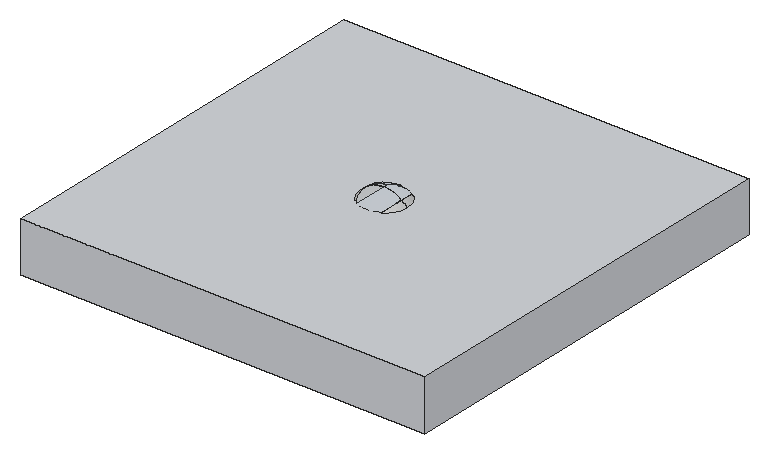
Revit family "GALAD Раунд LED", category Осветительные приборы, Revit 2018 (continued)
Types (3, lengths in mm): name | Файл фотометрической сетки | built-in parameter 1150142 | URL | IP | ADSK_Наименование краткое | ADSK_Наименование | ADSK_Марка | ADSK_Код изделия
    2.00 330.53 328.95 326.87 323.58 319.67 315.53 310.16 304.30 298.08 291.12 283.56 275.02 266.48 257.20 247.08 236.95 225.72 214.38 202.91 190.58 178.02 165.21 152.03 138.73 125.55 112.25 99.20 86.63 74.67 63.32 52.95 43.80 35.75 28.31 21.47 15.50 9.15 4.39 3.17 1.95 1.10 0.61 0.37 0.12 0.00 0.00 0.00 0.00 0.00 0.00 0.00 0.00 0.00 0.00 0.00 0.00 0.00 0.00 0.00 0.00 0.00 0.00 0.00 0.00 0.00 0.00 0.00 0.00 0.00 0.00 0.00 \r\n332.61 332.12 330.53 328.82 326.63 323.58 319.67 315.53 310.28 304.67 298.08 290.76 283.44 275.14 266.35 256.96 247.08 236.83 225.72 214.25 202.42 190.58 178.14 165.08 151.91 138.85 125.43 112.01 99.07 86.63 74.67 63.32 52.95 43.92 35.63 27.94 21.35 15.50 9.27 4.03 2.93 1.95 1.10 0.61 0.37 0.12 0.00 0.00 0.00 0.00 0.00 0.00 0.00 0.00 0.00 0.00 0.00 0.00 0.00 0.00 0.00 0.00 0.00 0.00 0.00 0.00 0.00 0.00 0.00 0.00 0.00 0.00 0.00 \r\n332.61 332.12 330.53 328.70 326.51 323.46 319.80 315.40 310.40 304.54 297.59 290.88 283.07 274.53 265.99 257.08 246.95 236.34 225.72 214.25 202.42 190.22 177.77 164.72 151.54 138.48 125.43 112.13 98.95 86.39 74.43 63.32 53.08 43.92 35.63 28.06 21.35 15.50 8.91 3.90 3.05 1.83 0.98 0.49 0.24 0.12 0.00 0.00 0.00 0.00 0.00 0.00 0.00 0.00 0.00 0.00 0.00 0.00 0.00 0.00 0.00 0.00 0.00 0.00 0.00 0.00 0.00 0.00 0.00 0.00 0.00 0.00 0.00 \r\n332.61 332.12 330.41 328.70 326.38 323.46 319.80 315.16 310.03 304.30 297.47 290.76 283.07 274.53 265.74 256.84 247.08 236.46 225.48 214.01 202.18 190.10 177.53 164.60 151.54 138.36 125.19 112.01 99.07 86.39 74.43 63.20 53.08 43.92 35.38 27.70 20.99 15.25 9.27 4.27 2.44 1.71 0.98 0.61 0.24 0.12 0.00 0.00 0.00 0.00 0.00 0.00 0.00 0.00 0.00 0.00 0.00 0.00 0.00 0.00 0.00 0.00 0.00 0.00 0.00 0.00 0.00 0.00 0.00 0.00 0.00 0.00 0.00 \r\n332.61 332.12 330.41 328.70 326.38 323.33 319.67 314.92 310.03 304.06 297.47 290.51 282.95 274.77 265.62 256.23 246.59 236.10 225.24 213.89 202.18 190.10 177.41 164.35 151.42 138.24 124.70 111.64 98.59 86.02 74.06 62.96 52.83 43.56 35.26 27.57 21.11 15.25 9.88 5.86 3.17 1.59 0.85 0.49 0.24 0.12 0.00 0.00 0.00 0.00 0.00 0.00 0.00 0.00 0.00 0.00 0.00 0.00 0.00 0.00 0.00 0.00 0.00 0.00 0.00 0.00 0.00 0.00 0.00 0.00 0.00 0.00 0.00 \r\n332.61 332.12 330.41 328.70 326.38 323.21 319.43 314.79 309.91 303.81 297.59 290.51 282.70 274.65 265.62 255.98 246.10 236.10 225.11 213.77 201.93 189.85 177.28 164.35 151.30 138.00 124.70 111.52 98.59 86.02 74.06 62.96 52.71 43.44 34.90 27.45 20.99 15.37 10.49 6.34 3.29 1.83 0.85 0.49 0.24 0.12 0.00 0.00 0.00 0.00 0.00 0.00 0.00 0.00 0.00 0.00 0.00 0.00 0.00 0.00 0.00 0.00 0.00 0.00 0.00 0.00 0.00 0.00 0.00 0.00 0.00 0.00 0.00 \r\n332.61 332.12 330.41 328.70 326.26 323.09 319.31 314.92 309.91 304.06 297.47 290.63 282.95 274.65 265.62 256.23 246.34 235.97 225.11 213.64 201.81 189.61 177.28 164.35 151.17 138.00 124.70 111.28 98.22 85.78 73.82 62.71 52.34 43.19 34.77 27.33 20.99 15.50 10.86 6.71 3.90 2.07 0.98 0.49 0.24 0.12 0.00 0.00 0.00 0.00 0.00 0.00 0.00 0.00 0.00 0.00 0.00 0.00 0.00 0.00 0.00 0.00 0.00 0.00 0.00 0.00 0.00 0.00 0.00 0.00 0.00 0.00 0.00 \r\n332.61 332.12 330.29 328.70 326.26 322.97 319.31 314.92 309.79 303.93 297.10 290.27 283.07 274.53 265.38 256.11 246.22 235.73 224.87 213.40 201.81 189.73 177.04 164.11 151.05 137.87 124.45 111.03 98.22 85.65 73.70 62.47 52.22 42.95 34.53 27.21 20.74 15.37 10.86 7.08 4.15 2.20 1.10 0.49 0.24 0.12 0.00 0.00 0.00 0.00 0.00 0.00 0.00 0.00 0.00 0.00 0.00 0.00 0.00 0.00 0.00 0.00 0.00 0.00 0.00 0.00 0.00 0.00 0.00 0.00 0.00 0.00 0.00 \r\n332.61 332.12 330.29 328.58 326.14 322.97 319.43 314.92 309.67 304.06 297.22 290.15 282.70 274.29 265.13 255.86 245.98 235.61 224.75 213.40 201.69 189.36 176.67 163.99 150.93 137.51 123.97 110.91 97.98 85.41 73.45 62.35 51.86 42.58 34.29 26.96 20.62 15.25 10.86 7.20 4.39 2.44 1.22 0.61 0.24 0.12 0.00 0.00 0.00 0.00 0.00 0.00 0.00 0.00 0.00 0.00 0.00 0.00 0.00 0.00 0.00 0.00 0.00 0.00 0.00 0.00 0.00 0.12 0.12 0.00 0.00 0.00 0.00 \r\n332.61 332.12 330.29 328.58 326.14 323.09 319.31 314.92 309.67 303.93 297.35 290.02 282.58 274.29 265.38 255.74 245.73 235.24 224.50 213.28 201.57 189.24 176.55 163.74 150.69 137.51 124.09 110.91 97.85 85.29 73.33 62.10 51.86 42.58 34.29 26.84 20.38 15.01 10.62 7.08 4.39 2.44 1.22 0.61 0.24 0.12 0.00 0.00 0.00 0.00 0.00 0.00 0.00 0.00 0.00 0.00 0.00 0.00 0.00 0.00 0.00 0.00 0.00 0.00 0.00 0.00 0.00 0.12 0.12 0.00 0.00 0.00 0.00 \r\n332.61 332.24 330.29 328.58 326.14 323.09 319.31 314.67 309.55 303.93 297.22 290.02 282.46 274.04 265.26 255.74 245.61 235.36 224.38 213.16 201.32 189.12 176.55 163.62 150.44 137.14 123.84 110.54 97.37 84.92 72.96 61.86 51.73 42.34 33.92 26.72 20.25 15.01 10.62 7.08 4.39 2.56 1.34 0.61 0.24 0.12 0.00 0.00 0.00 0.00 0.00 0.00 0.00 0.00 0.00 0.00 0.00 0.00 0.00 0.00 0.00 0.00 0.00 0.00 0.00 0.00 0.00 0.12 0.12 0.00 0.00 0.00 0.00 \r\n332.61 332.24 330.29 328.58 326.26 323.09 319.19 314.43 309.30 303.81 297.10 290.02 282.34 273.92 265.13 255.62 245.86 235.48 224.38 212.91 201.20 188.88 176.31 163.50 150.44 137.02 123.60 110.54 97.37 84.80 72.84 61.74 51.49 42.22 33.80 26.48 20.13 14.76 10.37 6.83 4.39 2.56 1.34 0.61 0.24 0.12 0.00 0.00 0.00 0.00 0.00 0.00 0.00 0.00 0.00 0.00 0.00 0.00 0.00 0.00 0.00 0.00 0.00 0.00 0.00 0.00 0.00 0.12 0.12 0.00 0.00 0.00 0.00 \r\n332.61 332.24 330.29 328.58 326.26 323.09 319.06 314.43 309.18 303.57 296.86 289.78 282.22 273.92 265.13 255.62 245.86 235.36 224.26 212.67 200.96 188.88 176.19 163.25 150.20 136.90 123.48 110.06 97.00 84.55 72.60 61.37 51.12 41.85 33.55 26.23 19.89 14.52 10.25 6.95 4.39 2.56 1.34 0.61 0.24 0.12 0.00 0.00 0.00 0.00 0.00 0.00 0.00 0.00 0.00 0.00 0.00 0.00 0.00 0.00 0.00 0.00 0.00 0.00 0.00 0.00 0.00 0.12 0.12 0.00 0.00 0.00 0.00 \r\n332.61 332.24 330.29 328.58 326.14 322.85 318.94 314.43 309.18 303.32 296.74 289.54 281.97 273.67 264.77 255.37 245.49 235.00 224.02 212.42 200.83 188.75 175.94 162.89 149.83 136.65 123.48 110.06 97.00 84.43 72.48 61.25 51.00 41.73 33.43 26.11 19.77 14.40 10.13 6.83 4.27 2.44 1.34 0.61 0.24 0.12 0.00 0.00 0.00 0.00 0.00 0.00 0.00 0.00 0.00 0.00 0.00 0.00 0.00 0.00 0.00 0.00 0.00 0.00 0.00 0.00 0.00 0.12 0.12 0.00 0.00 0.00 0.00 \r\n332.61 332.36 330.29 328.70 326.14 322.60 318.82 314.43 309.18 303.20 296.74 289.54 281.97 273.67 264.77 255.25 245.37 235.00 224.02 212.55 200.71 188.51 175.82 162.89 149.83 136.53 123.23 109.81 96.76 84.19 72.23 61.01 50.64 41.36 33.19 25.87 19.64 14.40 10.13 6.71 4.15 2.44 1.34 0.61 0.24 0.12 0.00 0.00 0.00 0.00 0.00 0.00 0.00 0.00 0.00 0.00 0.00 0.00 0.00 0.00 0.00 0.00 0.00 0.00 0.00 0.00 0.00 0.12 0.12 0.00 0.00 0.00 0.00 \r\n332.61 332.36 330.29 328.70 326.02 322.60 318.70 314.31 309.06 303.08 296.74 289.78 282.22 273.67 264.77 255.25 245.12 234.75 223.77 212.42 200.59 188.14 175.70 162.89 149.83 136.41 122.99 109.57 96.63 83.94 71.99 60.88 50.64 41.24 33.07 25.74 19.40 14.15 9.88 6.59 4.03 2.32 1.22 0.61 0.24 0.12 0.00 0.00 0.00 0.00 0.00 0.00 0.00 0.00 0.00 0.00 0.00 0.00 0.00 0.00 0.00 0.00 0.00 0.00 0.00 0.00 0.00 0.12 0.12 0.00 0.00 0.00 0.00 \r\n332.61 332.36 330.29 328.58 326.14 322.72 318.82 314.18 308.94 303.08 296.61 289.66 281.97 273.55 264.77 255.25 245.12 234.51 223.65 212.42 200.59 188.39 175.58 162.52 149.47 136.04 122.62 109.32 96.15 83.70 71.62 60.52 50.27 41.00 32.70 25.50 19.28 14.03 9.88 6.47 4.03 2.32 1.22 0.61 0.24 0.12 0.00 0.00 0.00 0.00 0.00 0.00 0.00 0.00 0.00 0.00 0.00 0.00 0.00 0.00 0.00 0.00 0.00 0.00 0.00 0.00 0.00 0.12 0.12 0.00 0.00 0.00 0.00 \r\n332.61 332.49 330.29 328.58 326.02 322.85 318.82 314.06 308.94 303.08 296.49 289.41 281.73 273.43 264.65 255.13 245.12 234.39 223.65 212.30 200.47 188.27 175.45 162.52 149.34 135.92 122.50 109.08 96.27 83.58 71.50 60.40 50.03 40.87 32.70 25.38 19.16 13.91 9.64 6.34 3.90 2.20 1.22 0.61 0.24 0.12 0.00 0.00 0.00 0.00 0.00 0.00 0.00 0.00 0.00 0.00 0.00 0.00 0.00 0.00 0.00 0.00 0.00 0.00 0.00 0.00 0.00 0.12 0.12 0.00 0.00 0.00 0.00 \r\n332.61 332.49 330.29 328.58 326.02 322.72 318.70 314.06 308.94 303.08 296.61 289.41 281.73 273.55 264.52 254.88 244.88 234.51 223.77 212.30 200.35 188.02 175.21 162.40 149.34 135.92 122.62 109.08 95.90 83.21 71.38 60.15 49.78 40.51 32.33 25.13 18.91 13.67 9.52 6.22 3.90 2.20 1.22 0.61 0.24 0.12 0.00 0.00 0.00 0.00 0.00 0.00 0.00 0.00 0.00 0.00 0.00 0.00 0.00 0.00 0.00 0.00 0.00 0.00 0.00 0.00 0.00 0.12 0.12 0.00 0.00 0.00 0.00 \r\n332.61 332.61 330.41 328.46 325.90 322.60 318.82 314.31 309.18 303.08 296.61 289.54 281.85 273.67 264.65 254.88 245.00 234.75 223.77 212.18 200.22 187.90 175.33 162.28 148.98 135.43 122.13 108.84 95.78 82.97 71.01 59.79 49.66 40.39 32.09 25.01 18.79 13.54 9.39 6.10 3.66 2.07 1.10 0.61 0.24 0.12 0.00 0.00 0.00 0.00 0.00 0.00 0.00 0.00 0.00 0.00 0.00 0.00 0.00 0.00 0.00 0.00 0.00 0.00 0.00 0.00 0.00 0.12 0.12 0.00 0.00 0.00 0.00 \r\n332.61 332.61 330.41 328.46 325.77 322.60 319.06 314.55 309.30 303.08 296.61 289.54 281.85 273.55 264.77 255.13 245.00 234.75 223.65 212.18 200.35 188.14 175.45 162.28 148.86 135.68 122.26 108.84 95.66 82.97 71.01 59.66 49.54 40.14 31.97 24.77 18.55 13.42 9.27 6.10 3.66 2.07 1.10 0.49 0.24 0.12 0.00 0.00 0.00 0.00 0.00 0.00 0.00 0.00 0.00 0.00 0.00 0.00 0.00 0.00 0.00 0.00 0.00 0.00 0.00 0.00 0.00 0.12 0.12 0.00 0.00 0.00 0.00 \r\n332.61 332.73 330.41 328.34 325.90 322.72 318.94 314.31 309.06 303.08 296.61 289.41 281.73 273.43 264.65 255.01 245.12 234.63 223.53 212.06 200.10 187.78 175.33 162.16 148.73 135.31 121.89 108.47 95.41 82.72 70.77 59.42 49.17 39.90 31.72 24.52 18.42 13.30 9.15 5.98 3.54 2.07 1.10 0.49 0.24 0.12 0.00 0.00 0.00 0.00 0.00 0.00 0.00 0.00 0.00 0.00 0.00 0.00 0.00 0.00 0.00 0.00 0.00 0.00 0.00 0.00 0.12 0.12 0.12 0.00 0.00 0.00 0.00 \r\n332.61 332.73 330.53 328.46 326.02 322.60 318.58 314.06 308.94 302.96 296.37 289.41 281.61 273.31 264.40 254.64 244.76 234.39 223.28 211.94 200.10 187.66 174.84 162.03 148.61 135.19 121.77 108.35 95.17 82.48 70.40 59.05 48.81 39.65 31.36 24.28 18.18 13.18 9.03 5.86 3.54 1.95 0.98 0.49 0.24 0.12 0.00 0.00 0.00 0.00 0.00 0.00 0.00 0.00 0.00 0.00 0.00 0.00 0.00 0.00 0.00 0.00 0.00 0.00 0.00 0.00 0.12 0.12 0.12 0.00 0.00 0.00 0.00 \r\n332.61 332.85 330.53 328.46 326.02 322.60 318.58 314.06 308.69 302.96 296.25 289.29 281.48 273.06 264.16 254.40 244.39 233.90 223.16 211.81 199.86 187.41 174.72 161.79 148.49 135.07 121.52 108.10 94.80 82.11 70.04 58.93 48.68 39.41 31.24 24.16 18.06 12.93 8.91 5.73 3.42 1.95 0.98 0.49 0.24 0.12 0.00 0.00 0.00 0.00 0.00 0.00 0.00 0.00 0.00 0.00 0.00 0.00 0.00 0.00 0.00 0.00 0.00 0.00 0.00 0.00 0.12 0.12 0.12 0.00 0.00 0.00 0.00 \r\n332.61 332.97 330.66 328.46 326.14 322.72 318.58 313.82 308.45 302.84 296.13 289.05 281.24 272.70 263.91 254.52 244.51 233.90 223.28 211.57 199.61 187.29 174.60 161.55 148.25 134.82 121.40 107.86 94.80 82.11 69.91 58.57 48.32 39.17 30.99 23.91 17.81 12.81 8.66 5.61 3.29 1.83 0.98 0.49 0.24 0.12 0.00 0.00 0.00 0.00 0.00 0.00 0.00 0.00 0.00 0.00 0.00 0.00 0.00 0.00 0.00 0.00 0.00 0.00 0.00 0.00 0.12 0.12 0.12 0.00 0.00 0.00 0.00 \r\n332.61 332.97 330.78 328.46 326.02 322.60 318.58 313.82 308.45 302.59 296.00 289.05 281.24 272.70 263.79 254.52 244.51 233.90 222.92 211.45 199.49 187.29 174.48 161.30 148.00 134.58 121.28 107.74 94.44 81.75 69.55 58.44 48.07 38.92 30.87 23.79 17.69 12.69 8.54 5.49 3.29 1.83 0.98 0.49 0.12 0.12 0.00 0.00 0.00 0.00 0.00 0.00 0.00 0.00 0.00 0.00 0.00 0.00 0.00 0.00 0.00 0.00 0.00 0.00 0.00 0.00 0.12 0.12 0.12 0.00 0.00 0.00 0.00 \r\n332.61 333.10 330.90 328.46 325.90 322.48 318.45 313.82 308.33 302.47 296.00 288.93 281.12 272.70 263.79 254.40 244.15 233.78 222.80 211.45 199.37 187.17 174.36 161.30 148.25 134.58 121.04 107.62 94.19 81.50 69.55 58.20 47.95 38.68 30.63 23.55 17.45 12.45 8.42 5.37 3.17 1.83 0.85 0.37 0.12 0.00 0.00 0.00 0.00 0.00 0.00 0.00 0.00 0.00 0.00 0.00 0.00 0.00 0.00 0.00 0.00 0.00 0.00 0.00 0.00 0.00 0.12 0.12 0.12 0.00 0.00 0.00 0.00 \r\n332.61 333.22 331.02 328.46 325.65 322.24 318.33 313.70 308.33 302.47 296.00 288.80 281.00 272.70 263.67 254.40 244.15 233.78 222.67 211.20 199.13 186.80 174.23 161.18 147.88 134.46 120.79 107.25 94.07 81.26 69.18 57.96 47.71 38.68 30.50 23.30 17.33 12.32 8.30 5.25 3.17 1.71 0.85 0.37 0.12 0.00 0.00 0.00 0.00 0.00 0.00 0.00 0.00 0.00 0.00 0.00 0.00 0.00 0.00 0.00 0.00 0.00 0.00 0.00 0.00 0.00 0.12 0.12 0.12 0.00 0.00 0.00 0.00 \r\n332.61 333.34 331.27 328.46 325.65 322.24 318.33 313.70 308.45 302.47 296.00 288.80 281.00 272.70 263.67 254.15 244.15 233.65 222.55 210.96 199.13 186.92 174.11 161.18 147.88 134.34 120.67 107.13 93.95 81.26 69.06 57.83 47.59 38.31 30.26 23.06 17.08 12.08 8.17 5.12 3.05 1.71 0.85 0.37 0.12 0.00 0.00 0.00 0.00 0.00 0.00 0.00 0.00 0.00 0.00 0.00 0.00 0.00 0.00 0.00 0.00 0.00 0.00 0.00 0.00 0.00 0.12 0.12 0.12 0.00 0.00 0.00 0.00 \r\n332.61 333.46 331.51 328.70 325.77 322.24 318.21 313.70 308.57 302.23 295.76 288.80 280.87 272.45 263.43 254.03 244.15 233.53 222.43 210.96 199.13 186.80 173.99 161.06 147.51 134.09 120.55 106.76 93.58 80.77 68.69 57.47 47.22 38.07 30.02 23.06 17.08 12.08 8.17 5.12 3.05 1.71 0.85 0.37 0.12 0.00 0.00 0.00 0.00 0.00 0.00 0.00 0.00 0.00 0.00 0.00 0.00 0.00 0.00 0.00 0.00 0.00 0.00 0.00 0.00 0.00 0.12 0.12 0.12 0.00 0.00 0.00 0.00 \r\n332.61 333.58 331.75 328.82 325.90 322.11 317.97 313.70 308.45 302.23 295.64 288.68 280.87 272.33 263.30 253.91 244.03 233.53 222.43 210.84 199.00 186.80 173.87 160.94 147.64 133.85 120.18 106.64 93.22 80.65 68.69 57.35 47.10 37.95 29.77 22.82 16.84 11.96 8.05 5.00 2.93 1.59 0.85 0.37 0.12 0.00 0.00 0.00 0.00 0.00 0.00 0.00 0.00 0.00 0.00 0.00 0.00 0.00 0.00 0.00 0.00 0.00 0.00 0.00 0.00 0.00 0.12 0.12 0.12 0.00 0.00 0.00 0.00 \r\n332.61 333.71 332.00 329.07 326.02 322.11 317.72 313.45 308.57 302.35 295.52 288.56 280.87 272.21 263.18 254.03 244.03 233.41 222.43 210.72 198.88 186.44 173.75 160.69 147.27 133.97 120.18 106.52 93.34 80.65 68.57 57.22 46.85 37.58 29.53 22.57 16.59 11.84 7.93 5.00 2.93 1.59 0.85 0.37 0.12 0.00 0.00 0.00 0.00 0.00 0.00 0.00 0.00 0.00 0.00 0.00 0.00 0.00 0.00 0.00 0.00 0.00 0.00 0.00 0.00 0.00 0.12 0.12 0.12 0.00 0.00 0.00 0.00 \r\n332.61 333.83 332.24 329.43 326.26 322.24 317.84 313.33 308.45 302.47 295.64 288.32 280.63 272.21 263.30 254.15 243.90 233.04 222.19 210.72 198.76 186.19 173.50 160.45 147.27 133.85 120.18 106.52 93.34 80.65 68.45 57.22 46.85 37.58 29.53 22.45 16.59 11.71 7.81 4.88 2.81 1.59 0.73 0.37 0.12 0.00 0.00 0.00 0.00 0.00 0.12 0.12 0.00 0.00 0.00 0.00 0.00 0.00 0.00 0.00 0.00 0.00 0.00 0.00 0.00 0.12 0.12 0.24 0.12 0.00 0.00 0.00 0.00 \r\n332.61 333.95 332.49 329.80 326.63 322.72 318.33 313.57 308.33 302.35 295.76 288.56 280.75 272.21 263.43 253.79 243.66 233.04 222.43 210.72 198.39 186.19 173.62 160.45 147.03 133.73 119.94 106.27 93.10 80.16 68.08 56.74 46.49 37.34 29.28 22.33 16.35 11.59 7.81 4.88 2.81 1.59 0.73 0.37 0.12 0.00 0.00 0.00 0.00 0.00 0.12 0.12 0.00 0.00 0.00 0.00 0.00 0.00 0.00 0.00 0.00 0.00 0.00 0.00 0.12 0.12 0.12 0.24 0.24 0.00 0.00 0.00 0.00 \r\n332.61 334.07 332.73 330.17 327.24 323.58 319.06 314.18 308.45 302.10 295.64 288.44 280.63 272.09 263.18 253.66 243.66 233.17 222.43 210.59 198.52 186.07 173.38 160.45 146.90 133.24 119.69 106.27 92.85 80.04 67.84 56.61 46.49 37.21 29.16 22.33 16.47 11.59 7.81 4.88 2.81 1.59 0.73 0.37 0.12 0.00 0.00 0.00 0.00 0.00 0.12 0.12 0.00 0.00 0.00 0.00 0.00 0.00 0.00 0.00 0.00 0.00 0.00 0.00 0.12 0.12 0.12 0.24 0.24 0.00 0.00 0.00 0.00 \r\n332.61 334.19 332.85 330.53 327.73 324.31 319.92 315.16 309.55 302.96 296.37 289.05 281.00 272.58 263.67 254.03 244.15 233.41 222.19 210.47 198.52 186.07 173.14 159.96 146.66 133.12 119.45 105.91 92.61 79.80 67.72 56.49 46.24 37.21 29.16 22.21 16.35 11.59 7.69 4.88 2.81 1.46 0.73 0.37 0.12 0.00 0.00 0.00 0.00 0.00 0.12 0.12 0.00 0.00 0.00 0.00 0.00 0.00 0.00 0.00 0.00 0.00 0.00 0.12 0.12 0.12 0.12 0.24 0.24 0.00 0.00 0.00 0.00 \r\n332.61 334.19 332.97 330.78 328.21 324.80 320.53 315.65 310.52 304.54 297.71 290.15 282.09 273.43 264.28 254.52 244.51 233.78 222.67 210.84 198.88 186.56 173.50 160.20 146.78 133.12 119.45 105.79 92.49 79.80 67.60 56.25 46.00 36.85 28.80 21.84 15.98 11.23 7.56 4.76 2.81 1.46 0.73 0.37 0.12 0.00 0.00 0.00 0.00 0.00 0.12 0.12 0.00 0.00 0.00 0.00 0.00 0.00 0.00 0.00 0.00 0.00 0.12 0.12 0.12 0.12 0.12 0.24 0.24 
    0.00 0.00 0.00 0.00 \r\n332.61 334.32 333.10 330.90 328.34 324.80 320.65 315.65 310.03 304.06 297.47 290.15 282.22 273.55 264.65 255.13 245.00 234.14 223.16 211.45 199.37 187.05 174.11 160.81 147.51 133.97 120.18 106.64 93.46 80.65 68.45 57.10 46.85 37.58 29.53 22.57 16.72 11.84 7.93 5.00 2.93 1.59 0.85 0.37 0.12 0.12 0.00 0.12 0.12 0.12 0.12 0.12 0.00 0.00 0.00 0.00 0.00 0.00 0.00 0.00 0.12 0.12 0.12 0.12 0.12 0.12 0.12 0.24 0.24 0.00 0.00 0.00 0.00 \r\n" | "https://galad.ru/catalog/indoor/zhkh/raund/galad-raund-led-9-eco-ip30/" | "30" | "GALAD Раунд LED-9 ECO IP30" | "GALAD Раунд LED-9 ECO IP30" | "GALAD Раунд LED-9 ECO IP30" | "16446"
